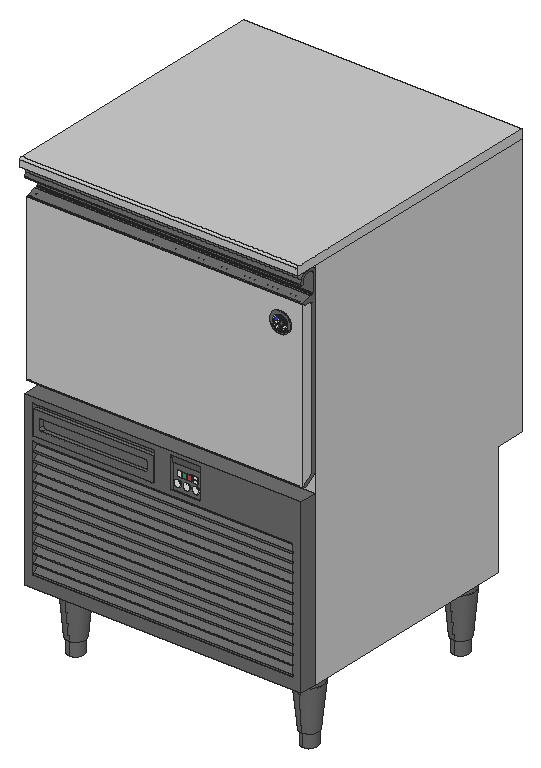
Revit family "QF_HOSHIZAKI_KM-60C-HC", category Specialty Equipment, Revit 2016
Family settings
  Part Type = Normal
  Round Connector Dimension = Use Diameter
  OmniClass Number = 23.40.40.14
  OmniClass Title = Food Service Equipment
  Work Plane-Based = No
  Always vertical = Yes
  Cut with Voids When Loaded = No
  Shared = No
  Room Calculation Point = No
Parameters (values of type "KM-60C-HC_230V/1Ph/50Hz")
  Weight = 45.00 kg
  Waste Remarks [instance] = ""
  Volts = 230 V
  URL Cutsheet = ""
  URL = "www.hoshizaki-europe.com"
  Status [instance] = ""
  Specification by User [instance] = ""
  Specification by Manufacturer [instance] = ""
  Serial Number = ""
  Seismic Rating = ""
  SMACNA No = ""
  Revision Code [instance] = ""
  Phase = 1
  Number of Poles = 2
  NAFEM Spec ID Number = ""
  Model = "KM-60C-HC"
  Min Ckt Ampacity = 0 A
  Max Overcurrent Protection = 0 A
  Masterspec = ""
  Manufacturer = "HOSHIZAKI"
  Length Actual = 605 mm
  Item Number [instance] = ""
  Installed By [instance] = ""
  Indirect Waste Size = 25.4 mm
  Indirect Waste Connection Type [instance] = ""
  Indirect Waste Connection Height [instance] = 301 mm
  Identify Quantity as Lot [instance] = no
  Height Actual = 988 mm
  HP power = ""
  Furnished By [instance] = ""
  Foodservice Equipment Identifier [instance] = yes
  FL Amps = 1.6 A
  Electric power = 255 W
  Electric Connection Type [instance] = ""
  Elec Conn RI Height [instance] = 0 mm
  Elec Conn Connection Height [instance] = 219 mm
  Direct Waste RI Height [instance] = 0 mm
  Description = "SELF CONTAINED KM ICE MAKER, 60KG PER 24 HOURS, CRESCENT"
  Depth Actual = 610 mm
  Cycle = 50 Hz
  Cost = 0
  Conn Plug = ""
  Conn Conduit = no
  Cold Water Temperature Recommended = 0 °C
  Cold Water Size = 19.05 mm
  Cold Water Flow = 0.0 L/s
  Cold Water Connection Height [instance] = 321 mm
  CSI MasterFormat = ""
  Assembly Code = "E1090320"
  Apparent Power = 255 VA
  Accessory = no
Reference planes
  plane 1 "Center (Front/Back)": y = 0
  plane 2: z = 0
  plane 3 "Center (Left/Right)": x = 0
Forms (mm)
  Extrusion 1, solid, not visible
    sketch origin (38, -67, 218) x (1, 0, 0) y (0, 1, 0)
      loop
        line (0, 0) -> (2, 0) -> (2, 2) -> (0, 2) -> (0, 0)
    from 0 to 2
  Extrusion 2, solid, not visible
    sketch origin (93, -33, 323) x (1, 0, 0) y (0, 1, 0)
      loop
        line (0, 0) -> (2, 0) -> (2, 2) -> (0, 2) -> (0, 0)
    from 0 to 2
  Extrusion 3, solid, not visible
    sketch origin (557, -67, 300) x (1, 0, 0) y (0, 1, 0)
      loop
        line (0, 0) -> (2, 0) -> (2, 2) -> (0, 2) -> (0, 0)
    from 0 to 2
Dimensions and locks
  aligned and locked: level to plane 2
Nested families
  nested 1: "QF_HOSHIZAKI_KM-60C-HC_230V_1Ph_50Hz" at (0, 0, 0), type "KM-60C-HC_230V/1Ph/50Hz"
    with Show Logo yes, Show Clearance yes
Connectors
  electrical at (39, -65, 219), driven by "Apparent Power", driven by "Number of Poles", driven by "Volts"
    settings: on Extrusion 1, index 1, voltage 230 V, apparent load 0 VA, apparent load phase1 255 VA, apparent load phase2 0 VA, apparent load phase3 0 VA, power factor 1, load classification "Other", number of poles 2, system type 31, power factor state 1, is connector primary yes, connector utility no, sub classification motor no, connector description "Electric connection for 'KM-60C-HC'"
  piping at (94, -32, 323), diameter 19.05, driven by "Cold Water Size", driven by "Cold Water Flow"
    settings: on Extrusion 2, index 2, connector inside diameter 609.6 mm, connector length 0 mm, flow factor 0, pipe flow 0.0 L/s, pressure drop 0.0 Pa, fitting loss kfactor 0, connector angle 0.00°, fixture units 0, engagement length 0 mm, angle of deflection 0.00°, flow configuration 1, flow direction 1, fitting loss method 0, system type 20, joint type 0, gender type 0, connector reference index -1, connector utility 0, adjustable connector no, is connector primary yes, connector description "Cold Water connection for 'KM-60C-HC'"
  piping at (558, -65, 301), diameter 25.4, driven by "Indirect Waste Size"
    settings: on Extrusion 3, index 3, connector inside diameter 609.6 mm, connector length 0 mm, flow factor 0, pipe flow 0.0 L/s, pressure drop 0.0 Pa, fitting loss kfactor 0, connector angle 0.00°, fixture units 0, engagement length 0 mm, angle of deflection 0.00°, flow configuration 1, flow direction 2, fitting loss method 0, system type 16, joint type 0, gender type 0, connector reference index -1, connector utility 0, adjustable connector no, is connector primary no, connector description "Drain connection for 'KM-60C-HC'"
Definition of nested family "QF_HOSHIZAKI_KM-60C-HC_230V_1Ph_50Hz"
  Parameters (values of type "KM-60C-HC_230V/1Ph/50Hz")
    URL = "www.hoshizaki-europe.com"
    Show Logo [instance] = yes
    Show Clearance [instance] = yes
    Model = "KM-60C-HC"
    Manufacturer = "HOSHIZAKI"
    Description = "SELF CONTAINED KM ICE MAKER, 60KG PER 24 HOURS, CRESCENT"
    Assembly Code = "E1090320"
  Reference planes
    plane 1 "Back": y = 0
    plane 2: z = 0
    plane 3 "Left": x = 0
    plane 4 "Right": x = 605
    plane 5 "Front": y = -610
    plane 6 "Top": z = 988
  Forms (mm)
    Extrusion 1, solid
      sketch origin (0, 0, 0) x (0, 1, 0) y (0, 0, 1)
        loop
          line (0, 988) -> (-605, 988)
          arc (-605, 988) -> (-608.536, 986.536) -> (-610, 983) r 5
          line (-610, 983) -> (-610, 970) -> (0, 970) -> (0, 988)
      from 0 to 605
    Extrusion 2, solid
      sketch origin (0, 0, 0) x (0, 1, 0) y (0, 0, 1)
        loop
          line (-65, 150) -> (-65, 397) -> (0, 397) -> (0, 970) -> (-560, 970) -> (-560, 150) -> (-65, 150)
      from 0 to 605
    Revolve 3, solid
      sketch origin (48, 0, 0) x (0, 1, 0) y (0, 0, 1)
        loop
          line (-106, 0) -> (-89, 0) -> (-89, 30) -> (-85.966, 30) -> (-76.5, 124) -> (-76.5, 146) -> (-106, 146) -> (-106, 0)
        axis (-106, 0) -> (-106, 146)
      angle from 0 to 360
    Extrusion 4, solid
      sketch origin (0, -0.184, 0) x (0, 1, 0) y (0, 0, 1)
        loop
          arc (-564.152, 560.106) -> (-560.966, 563.691) -> (-559.816, 568.347) r 10
          line (-559.816, 568.347) -> (-559.816, 956.197)
          arc (-559.816, 956.197) -> (-563.19, 963.687) -> (-571.035, 966.123) r 10
          line (-571.035, 966.123) -> (-587.697, 964.077)
          arc (-587.697, 964.077) -> (-593.362, 961.405) -> (-596.326, 955.888) r 10
          line (-596.326, 955.888) -> (-598.012, 946.326)
          arc (-598.012, 946.326) -> (-596.39, 944.009) -> (-594.073, 945.632) r 2
          line (-594.073, 945.632) -> (-592.387, 955.193)
          arc (-592.387, 955.193) -> (-590.608, 958.503) -> (-587.209, 960.106) r 6
          line (-587.209, 960.106) -> (-570.547, 962.152)
          arc (-570.547, 962.152) -> (-565.84, 960.691) -> (-563.816, 956.197) r 6
          line (-563.816, 956.197) -> (-563.816, 915.35)
          arc (-563.816, 915.35) -> (-564.246, 914.146) -> (-565.343, 913.487) r 1.9
          arc (-565.343, 913.487) -> (-565.869, 913.401) -> (-566.401, 913.352) r 7.5
          arc (-566.401, 913.352) -> (-568.987, 913.073) -> (-571.531, 912.527) r 25
          line (-571.531, 912.527) -> (-592.016, 907) -> (-592.016, 905) -> (-590.605, 905)
          arc (-590.605, 905) -> (-589.35, 904.725) -> (-588.326, 903.95) r 3
          arc (-588.326, 903.95) -> (-586.618, 902.659) -> (-584.526, 902.2) r 5
          line (-584.526, 902.2) -> (-574.616, 902.2)
          arc (-574.616, 902.2) -> (-571.08, 900.736) -> (-569.616, 897.2) r 5
          line (-569.616, 897.2) -> (-569.616, 566.869)
          arc (-569.616, 566.869) -> (-570.191, 564.541) -> (-571.784, 562.748) r 5
          line (-571.784, 562.748) -> (-586.848, 552.395)
          arc (-586.848, 552.395) -> (-588.117, 551.134) -> (-588.862, 549.507) r 5
          arc (-588.862, 549.507) -> (-589.572, 548.421) -> (-590.8, 548) r 2
          line (-590.8, 548) -> (-592.016, 548)
          arc (-592.016, 548) -> (-591.43, 546.586) -> (-590.016, 546) r 2
          line (-590.016, 546) -> (-584.677, 546) -> (-564.152, 560.106)
      from 2 to 603
    Extrusion 5, solid
      sketch origin (0, -0.184, 0) x (0, 1, 0) y (0, 0, 1)
        loop
          line (-593.816, 905) -> (-593.816, 548) -> (-590.8, 548)
          arc (-590.8, 548) -> (-589.572, 548.421) -> (-588.862, 549.507) r 2
          arc (-588.862, 549.507) -> (-588.117, 551.134) -> (-586.848, 552.395) r 5
          line (-586.848, 552.395) -> (-571.784, 562.748)
          arc (-571.784, 562.748) -> (-570.191, 564.541) -> (-569.616, 566.869) r 5
          line (-569.616, 566.869) -> (-569.616, 897.2)
          arc (-569.616, 897.2) -> (-571.08, 900.736) -> (-574.616, 902.2) r 5
          line (-574.616, 902.2) -> (-584.526, 902.2)
          arc (-584.526, 902.2) -> (-586.618, 902.659) -> (-588.326, 903.95) r 5
          arc (-588.326, 903.95) -> (-589.35, 904.725) -> (-590.605, 905) r 3
          line (-590.605, 905) -> (-593.816, 905)
      from 2 to 603
    Extrusion 6, solid
      sketch origin (0, -610, 0) x (-1, 0, 0) y (0, 0, 1)
        loop
          line (-1, 523) -> (-604, 523) -> (-604, 150) -> (-1, 150) -> (-1, 523)
        loop
          line (-19.5, 512) -> (-284.5, 512) -> (-284.5, 447) -> (-19.5, 447) -> (-19.5, 512)
        loop
          line (-19.5, 176.5) -> (-19.5, 437) -> (-585.5, 437) -> (-585.5, 176.5) -> (-19.5, 176.5)
      from 11 to 50
    Extrusion 7, solid
      sketch origin (0, 18, 148.5) x (0, 1, 0) y (0, 0, 1)
        loop
          line (-578, 363.5) -> (-607, 363.5) -> (-607, 278.5) -> (-617, 271) -> (-617, 268) -> (-597, 283) -> (-597, 266) -> (-617, 251) -> (-617, 248) -> (-597, 263) -> (-597, 246) -> (-617, 231) -> (-617, 228) -> (-597, 243) -> (-597, 226) -> (-617, 211) -> (-617, 208) -> (-597, 223) -> (-597, 206) -> (-617, 191) -> (-617, 188) -> (-597, 203) -> (-597, 186) -> (-617, 171) -> (-617, 168) -> (-597, 183) -> (-597, 166) -> (-617, 151) -> (-617, 148) -> (-597, 163) -> (-597, 146) -> (-617, 131) -> (-617, 128) -> (-597, 143) -> (-597, 126) -> (-617, 111) -> (-617, 108) -> (-597, 123) -> (-597, 106) -> (-617, 91) -> (-617, 88) -> (-597, 103) -> (-597, 86) -> (-617, 71) -> (-617, 68) -> (-597, 83) -> (-597, 66) -> (-617, 51) -> (-617, 48) -> (-597, 63) -> (-597, 46) -> (-617, 31) -> (-617, 28) -> (-578, 28) -> (-578, 363.5)
      from 585.5 to 19.5
    Extrusion 8, solid, visible <- "Show Logo"
      sketch origin (1014.884, -593.5, -1007.5) x (-1, 0, 0) y (0, 0, -1)
        loop
          circle (459.884, -1862.5) r 13.99
      from -0.5 to 2
    Extrusion 9, solid, visible <- "Show Logo"
      sketch origin (1014.884, -594, -1007.5) x (-1, 0, 0) y (0, 0, -1)
        loop
          circle (459.884, -1862.5) r 15
        loop
          arc (446.884, -1862.5) -> (460.705, -1875.474) -> (472.781, -1860.863) r 13
          line (472.781, -1860.863) -> (470.355, -1858.437) -> (469.346, -1862.201) -> (466.355, -1863.928) -> (465.024, -1865.26) -> (463.375, -1865.26) -> (462.04, -1870.241) -> (457.755, -1870.241) -> (459.339, -1867.979) -> (460.402, -1864.014) -> (461.224, -1860.945) -> (462.416, -1856.497) -> (461.216, -1855.297) -> (459.433, -1857.843) -> (455.784, -1851.523) -> (460.361, -1851.523) -> (461.471, -1853.446) -> (469.213, -1853.446)
          arc (469.213, -1853.446) -> (460.394, -1849.51) -> (451.293, -1852.743) r 13
          line (451.293, -1852.743) -> (455.577, -1853.891) -> (453.752, -1856.497) -> (455.349, -1856.497) -> (454.477, -1866.459) -> (452.538, -1866.459) -> (446.884, -1862.5)
        loop
          line (447.853, -1857.467) -> (452.313, -1861.926) -> (450.144, -1853.891)
          arc (450.144, -1853.891) -> (448.878, -1855.602) -> (447.853, -1857.467) r 15.828
        loop
          line (463.583, -1862.877) -> (466.64, -1862.399) -> (464.901, -1861.285) -> (463.583, -1857.664) -> (463.583, -1862.877)
        loop
          line (464.827, -1855.979) -> (468.296, -1856.908) -> (469.573, -1854.916) -> (468.881, -1854.224) -> (467.914, -1855.035) -> (464.827, -1855.979)
        loop
          line (462.609, -1872.307) -> (462.609, -1874.009) -> (464.927, -1873.388) -> (462.609, -1872.307)
        loop
          line (460.361, -1874.662) -> (459.594, -1873.335) -> (460.801, -1872.638) -> (459.186, -1872.205) -> (458.298, -1874.11) -> (460.361, -1874.662)
        loop
          line (459.623, -1846.783) -> (460.706, -1845.701) -> (462.247, -1845.701) -> (461.191, -1844.645) -> (461.503, -1842.874) -> (459.623, -1843.959) -> (457.743, -1842.874) -> (458.055, -1844.645) -> (456.999, -1845.701) -> (458.54, -1845.701) -> (459.623, -1846.783)
        loop
          line (446.86, -1853.7) -> (446.594, -1852.191) -> (447.478, -1850.929) -> (446.007, -1851.188) -> (444.736, -1849.917) -> (444.547, -1852.08) -> (442.579, -1852.997) -> (444.209, -1853.757) -> (444.468, -1855.228) -> (445.352, -1853.965) -> (446.86, -1853.7)
        loop
          line (452.395, -1848.68) -> (452.856, -1847.219) -> (454.223, -1846.508) -> (452.799, -1846.059) -> (452.258, -1844.344) -> (451.091, -1846.175) -> (448.922, -1846.08) -> (450.017, -1847.507) -> (449.568, -1848.931) -> (450.935, -1848.219) -> (452.395, -1848.68)
        loop
          line (472.909, -1853.7) -> (474.417, -1853.965) -> (475.301, -1855.228) -> (475.56, -1853.757) -> (477.19, -1852.997) -> (475.222, -1852.08) -> (475.033, -1849.917) -> (473.761, -1851.188) -> (472.291, -1850.929) -> (473.175, -1852.191) -> (472.909, -1853.7)
        loop
          line (467.374, -1848.68) -> (468.834, -1848.219) -> (470.201, -1848.931) -> (469.752, -1847.507) -> (470.847, -1846.08) -> (468.678, -1846.175) -> (467.511, -1844.344) -> (466.97, -1846.059) -> (465.546, -1846.508) -> (466.913, -1847.219) -> (467.374, -1848.68)
      from 0 to 2
    Extrusion 10, solid, visible <- "Show Logo"
      sketch origin (1014.884, -594, -1007.5) x (-1, 0, 0) y (0, 0, -1)
        loop
          line (462.609, -1874.009) -> (462.609, -1872.307) -> (462.085, -1870.241) -> (457.755, -1870.241) -> (459.339, -1867.979) -> (462.416, -1856.497) -> (461.216, -1855.297) -> (459.433, -1857.843) -> (455.808, -1851.565) -> (453.948, -1851.565) -> (455.577, -1853.891) -> (454.477, -1866.459) -> (456.345, -1871.339)
          arc (456.345, -1871.339) -> (456.868, -1874.025) -> (459.213, -1875.435) r 3.366
          arc (459.213, -1875.435) -> (460.198, -1875.496) -> (461.183, -1875.435) r 8.046
          line (461.183, -1875.435) -> (462.609, -1874.009)
        loop
          line (456.854, -1851.523) -> (460.361, -1851.523) -> (460.916, -1852.485) -> (462.702, -1852.485) -> (463.779, -1851.407) -> (460.623, -1851.407) -> (461.563, -1850.468) -> (456.245, -1850.468) -> (456.854, -1851.523)
        loop
          line (460.361, -1874.662) -> (459.594, -1873.335) -> (460.801, -1872.638) -> (459.186, -1872.205) -> (458.298, -1874.11) -> (460.361, -1874.662)
      from 0 to 2
    Extrusion 11, solid, visible <- "Show Logo"
      sketch origin (229.5, -593, 416.096) x (1, 0, 0) y (0, 0, 1)
        loop
          circle (325.5, 438.904) r 22.5
      from 0 to 2
    Extrusion 12, solid
      sketch origin (-0.5, -610, 1.452) x (-1, 0, 0) y (0, 0, 1)
        loop
          line (-21, 498.548) -> (-284, 498.548) -> (-284, 446.548) -> (-21, 446.548) -> (-21, 498.548)
        loop
          line (-39.5, 486.548) -> (-265.5, 486.548)
          arc (-265.5, 486.548) -> (-269.036, 485.084) -> (-270.5, 481.548) r 5
          line (-270.5, 481.548) -> (-270.5, 466.048)
          arc (-270.5, 466.048) -> (-269.036, 462.513) -> (-265.5, 461.048) r 5
          line (-265.5, 461.048) -> (-39.5, 461.048)
          arc (-39.5, 461.048) -> (-35.964, 462.513) -> (-34.5, 466.048) r 5
          line (-34.5, 466.048) -> (-34.5, 481.548)
          arc (-34.5, 481.548) -> (-35.964, 485.084) -> (-39.5, 486.548) r 5
      from 11 to 21
    Extrusion 13, solid
      sketch origin (0, 0, 0) x (1, 0, 0) y (0, 1, 0)
        loop
          line (87, -145) -> (87, -67) -> (9, -67) -> (9, -145) -> (87, -145)
      from 146 to 150
    Revolve 14, solid
      sketch origin (48, -412, 0) x (0, 1, 0) y (0, 0, 1)
        loop
          line (-106, 0) -> (-89, 0) -> (-89, 30) -> (-85.966, 30) -> (-76.5, 124) -> (-76.5, 146) -> (-106, 146) -> (-106, 0)
        axis (-106, 0) -> (-106, 146)
      angle from 0 to 360
    Extrusion 15, solid
      sketch origin (0, -412, 0) x (1, 0, 0) y (0, 1, 0)
        loop
          line (87, -145) -> (87, -67) -> (9, -67) -> (9, -145) -> (87, -145)
      from 146 to 150
    Revolve 16, solid
      sketch origin (557, 0, 0) x (0, 1, 0) y (0, 0, 1)
        loop
          line (-106, 0) -> (-89, 0) -> (-89, 30) -> (-85.966, 30) -> (-76.5, 124) -> (-76.5, 146) -> (-106, 146) -> (-106, 0)
        axis (-106, 0) -> (-106, 146)
      angle from 0 to 360
    Extrusion 17, solid
      sketch origin (509, 0, 0) x (1, 0, 0) y (0, 1, 0)
        loop
          line (87, -145) -> (87, -67) -> (9, -67) -> (9, -145) -> (87, -145)
      from 146 to 150
    Revolve 18, solid
      sketch origin (557, -412, 0) x (0, 1, 0) y (0, 0, 1)
        loop
          line (-106, 0) -> (-89, 0) -> (-89, 30) -> (-85.966, 30) -> (-76.5, 124) -> (-76.5, 146) -> (-106, 146) -> (-106, 0)
        axis (-106, 0) -> (-106, 146)
      angle from 0 to 360
    Extrusion 19, solid
      sketch origin (509, -412, 0) x (1, 0, 0) y (0, 1, 0)
        loop
          line (87, -145) -> (87, -67) -> (9, -67) -> (9, -145) -> (87, -145)
      from 146 to 150
    Extrusion 20, solid, visible <- "Show Clearance", detail levels coarse
      sketch origin (0, 0, 0) x (0, 1, 0) y (0, 0, 1)
        loop
          line (-594, 544.412) -> (-594, 964.843)
          arc (-594, 964.843) -> (-794.857, 901.5) -> (-923, 734.36) r 350
          line (-923, 734.36) -> (-594, 544.412)
      from 2 to 603
    Blend 21, void
      base sketch origin (77, 0, 0) x (1, 0, 0) y (0, 0, 1)
        loop
          line (308, 514.548) -> (243, 514.548) -> (243, 446.548) -> (308, 446.548) -> (308, 514.548)
      top sketch origin (77, 0, 0) x (1, 0, 0) y (0, 0, 1)
        loop
          line (308, 500.548) -> (243, 500.548) -> (243, 446.548) -> (308, 446.548) -> (308, 500.548)
      from 599 to 595
    Extrusion 22, solid
      sketch origin (87.5, -610, 0) x (-1, 0, 0) y (0, 0, 1)
        loop
          line (-265.14, 488.748) -> (-274.86, 488.748) -> (-274.86, 476.748) -> (-265.14, 476.748) -> (-265.14, 488.748)
      from 16 to 14
    Extrusion 23, solid
      sketch origin (66.5, -610, 0) x (-1, 0, 0) y (0, 0, 1)
        loop
          line (-265.14, 488.748) -> (-274.86, 488.748) -> (-274.86, 476.748) -> (-265.14, 476.748) -> (-265.14, 488.748)
      from 16 to 14
    Extrusion 24, solid
      sketch origin (77, -610, 0) x (-1, 0, 0) y (0, 0, 1)
        loop
          line (-265.14, 488.748) -> (-274.86, 488.748) -> (-274.86, 476.748) -> (-265.14, 476.748) -> (-265.14, 488.748)
      from 16 to 14
    Extrusion 25, solid
      sketch origin (101.5, -610, 1) x (-1, 0, 0) y (0, 0, 1)
        loop
          line (-265.14, 488.748) -> (-274.86, 488.748) -> (-274.86, 482.748) -> (-265.14, 482.748) -> (-265.14, 488.748)
      from 16 to 14
    Extrusion 26, solid
      sketch origin (101.5, -610, 964.497) x (-1, 0, 0) y (0, 0, 1)
        loop
          line (-265.14, -488.748) -> (-265.14, -482.748) -> (-274.86, -482.748) -> (-274.86, -488.748) -> (-265.14, -488.748)
      from 16 to 14
    Extrusion 27, solid
      sketch origin (62.5, -610, -20) x (-1, 0, 0) y (0, 0, 1)
        loop
          circle (-270, 482.748) r 7
      from 16 to 14
    Extrusion 28, solid
      sketch origin (82.5, -610, -20) x (-1, 0, 0) y (0, 0, 1)
        loop
          circle (-270, 482.748) r 7
      from 16 to 14
    Extrusion 29, solid
      sketch origin (642.5, -610, -20) x (1, 0, 0) y (0, 0, -1)
        loop
          circle (-270, -482.748) r 7
      from 16 to 14
    Extrusion 30, solid
      sketch origin (153, 0, 0) x (1, 0, 0) y (0, 0, 1)
        loop
          circle (405, 301) r 12.5
        loop
          circle (405, 301) r 11
      from 50 to 65
    Extrusion 31, solid
      sketch origin (0, 0, 0) x (0, 1, 0) y (0, 0, 1)
        loop
          line (-65, 397) -> (-65, 321) -> (-3, 321) -> (-3, 397) -> (-65, 397)
      from 47 to 137
  Cuts and joins
    Blend 21 cuts Extrusion 6
  Lines and regions (mm)
    symbolic lines
      curve 1: line (0, 0, 0) -> (605, 0, 0)
      curve 2: line (605, 0, 0) -> (605, -610, 0)
      curve 3: line (605, -610, 0) -> (0, -610, 0)
      curve 4: line (0, -610, 0) -> (0, 0, 0)
    symbolic lines, visible <- "Show Clearance"
      curve 5: line (2, -923, 0) -> (2, -610, 0)
      curve 6: line (2, -923, 0) -> (603, -923, 0)
      curve 7: line (603, -923, 0) -> (603, -610, 0)
  Dimensions and locks
    plane 6 "Top" to level = 988 mm
    plane 5 "Front" to plane 1 "Back" = 610 mm
    plane 3 "Left" to plane 4 "Right" = 605 mm
    aligned and locked: level to plane 2
    aligned and locked: Extrusion 1 to plane 4 "Right"
    aligned and locked: Extrusion 2 to plane 4 "Right"
